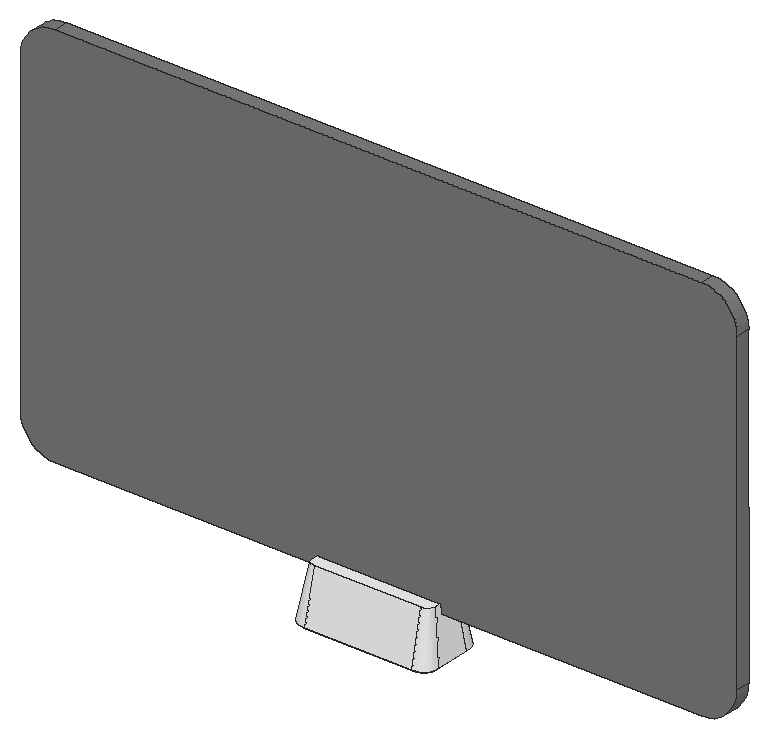
Revit family "Accessory-Desk_Mounted-Teknion-ZNDST_Table_Top_Screen-R2015", category Furniture, Revit 2015
Parameters (values of type "30" Width")
  Width = 30.000"
  Screen Finish Note = "Select a 30 inch material."
  Inner Width = 27.000"
  Warranty = "http://www.teknion.com/ca/papers/legal-canada"
  Unit Weight URL = "http://www.teknion.com/ca/tools/assets#&asset=bee6a381-b954-425e-8283-5a2de3a804f2,f828d448-4b62-4231-9e5f-9a8991c0ed77"
  URL = "www.teknion.com"
  Sustainability Data = "http://www.teknion.com/ca/tools/assets#&topic=216f99a5-57a0-44fc-b10a-9dee9b29ae4c&asset=444deb64-fe58-4b68-981e-f75e97781df7"
  Series = "Zones"  # constant formula
  Screen Upholstery = Mesh-StudioTK-K440-Knit Linx-Cool Grey (30" Width)
  Product Page URL = "http://www.teknion.com/ca/products/product-details?productlineid=b28c7a6e-8e7a-673b-a6c8-ff64004460c4"
  Product Line = "Zones"  # constant formula
  Product Documentation Link = "http://www.teknion.com/pricing/Zones/pdfs/ZNDST_ppg.pdf"
  Part Number = "ZNDST"  # constant formula
  Model = "ZNDST4730"
  Manufacturer Phone = "416-661-3370"  # constant formula
  Manufacturer Fax = "416.661.4586"  # constant formula
  Manufacturer Contact Information = "http://www.teknion.com/ca/contactus"
  Manufacturer Address = "1150 Flint Road, Toronto, ON. M3J 2J5. Canada"  # constant formula
  Manufacturer = "Teknion"  # constant formula
  Description = "Table Top Screen, 47\" h x 30\" w"
  Default Elevation = 48.000"
  Base Finish [instance] = Paint - Teknion - Mica - Very White
  Assembly Code = "E2020200"
Types (3): name | Width | Screen Finish Note | Inner Width | Screen Upholstery | Model | Description
  (no name) | 30.000" | "Select a 30 inch material." | 27.000" | Mesh-StudioTK-K440-Knit Linx-Cool Grey (30" Width) | "ZNDST4730" | "Table Top Screen, 47\" h x 30\" w"
  30" Width | 30.000" | "Select a 30 inch material." | 27.000" | Mesh-StudioTK-K440-Knit Linx-Cool Grey (30" Width) | "ZNDST4730" | "Table Top Screen, 47\" h x 30\" w"
  40" Width | 40.000" | "Select a 40 inch material." | 37.000" | Mesh-StudioTK-K440-Knit Linx-Cool Grey (40" Width) | "ZNDST4740" | "Table Top Screen, 47\" h x 40\" w"
Reference planes (in)
  plane 1 "Center Front/Back": y = 0
  plane 2: z = 0
  plane 3 "Center Left/Right": x = 0
  plane 4 "Left": x = -15
  plane 5 "Right": x = 15
  plane 6 "Back": y = 1.375
  plane 7 "Front": y = -1.375
  plane 8 "Top": z = 47
  plane 9 "Revolve Level 1": z = 3.35894
  plane 10: x = -13.5
  plane 11 "Revolve level 2": z = 16.60894
  plane 12: x = 13.5
  plane 13: z = 18.10894
  plane 14: z = 1.85894
  plane 15: z = 0.125
Forms (in)
  SweptBlend 1, solid, material "Paint - Teknion - Mica - Very White" <- "Base Finish"
    path origin (0.03125, 0, 0) x (1, 0, 0) y (0, 0, 1)
      loop
        line (-0.03125, 0.125) -> (-0.03125, 2.2235)
    profile origin (0, 0, 0.125) x (-1, 0, 0) y (0, -1, 0)
      loop
        spline (-2.87637, -0.74371) -> (-2.87199, -0.84454) -> (-2.85883, -0.9366) -> (-2.83691, -1.0199) -> (-2.80623, -1.09443) -> (-2.76677, -1.16019) -> (-2.71855, -1.21718) -> (-2.66156, -1.2654) -> (-2.5958, -1.30486) -> (-2.52127, -1.33554) -> (-2.43797, -1.35746) -> (-2.34591, -1.37062) -> (-2.24508, -1.375)
        line (-2.24508, -1.375) -> (2.24508, -1.375)
        spline (2.24508, -1.375) -> (2.34591, -1.37062) -> (2.43797, -1.35746) -> (2.52127, -1.33554) -> (2.5958, -1.30486) -> (2.66156, -1.2654) -> (2.71855, -1.21718) -> (2.76677, -1.16019) -> (2.80623, -1.09443) -> (2.83691, -1.0199) -> (2.85883, -0.9366) -> (2.87199, -0.84454) -> (2.87637, -0.74371)
        line (2.87637, -0.74371) -> (2.87637, 0.74371)
        spline (2.87637, 0.74371) -> (2.87199, 0.84454) -> (2.85883, 0.9366) -> (2.83691, 1.0199) -> (2.80623, 1.09443) -> (2.76677, 1.16019) -> (2.71855, 1.21718) -> (2.66156, 1.2654) -> (2.5958, 1.30486) -> (2.52127, 1.33554) -> (2.43797, 1.35746) -> (2.34591, 1.37062) -> (2.24508, 1.375)
        line (2.24508, 1.375) -> (-2.24508, 1.375)
        spline (-2.24508, 1.375) -> (-2.34591, 1.37062) -> (-2.43797, 1.35746) -> (-2.52127, 1.33554) -> (-2.5958, 1.30486) -> (-2.66156, 1.2654) -> (-2.71855, 1.21718) -> (-2.76677, 1.16019) -> (-2.80623, 1.09443) -> (-2.83691, 1.0199) -> (-2.85883, 0.9366) -> (-2.87199, 0.84454) -> (-2.87637, 0.74371)
        line (-2.87637, 0.74371) -> (-2.87637, -0.74371)
    end profile origin (0, 0, 2.2235) x (-1, 0, 0) y (0, -1, 0)
      loop
        spline (2.20906, -0.875) -> (2.26496, -0.87257) -> (2.316, -0.86528) -> (2.36218, -0.85312) -> (2.4035, -0.83611) -> (2.43996, -0.81424) -> (2.47156, -0.7875) -> (2.49829, -0.7559) -> (2.52017, -0.71944) -> (2.53718, -0.67812) -> (2.54933, -0.63194) -> (2.55662, -0.5809) -> (2.55906, -0.525)
        line (2.55906, -0.525) -> (2.55906, 0.525)
        spline (2.55906, 0.525) -> (2.55662, 0.5809) -> (2.54933, 0.63194) -> (2.53718, 0.67813) -> (2.52017, 0.71944) -> (2.49829, 0.7559) -> (2.47156, 0.7875) -> (2.43996, 0.81424) -> (2.4035, 0.83611) -> (2.36218, 0.85313) -> (2.316, 0.86528) -> (2.26496, 0.87257) -> (2.20906, 0.875)
        line (2.20906, 0.875) -> (-2.20906, 0.875)
        spline (-2.20906, 0.875) -> (-2.26496, 0.87257) -> (-2.316, 0.86528) -> (-2.36218, 0.85313) -> (-2.4035, 0.83611) -> (-2.43996, 0.81424) -> (-2.47156, 0.7875) -> (-2.49829, 0.7559) -> (-2.52017, 0.71944) -> (-2.53718, 0.67813) -> (-2.54933, 0.63194) -> (-2.55662, 0.5809) -> (-2.55906, 0.525)
        line (-2.55906, 0.525) -> (-2.55906, -0.525)
        spline (-2.55906, -0.525) -> (-2.55662, -0.5809) -> (-2.54933, -0.63194) -> (-2.53718, -0.67812) -> (-2.52017, -0.71944) -> (-2.49829, -0.7559) -> (-2.47156, -0.7875) -> (-2.43996, -0.81424) -> (-2.4035, -0.83611) -> (-2.36218, -0.85312) -> (-2.316, -0.86528) -> (-2.26496, -0.87257) -> (-2.20906, -0.875)
        line (-2.20906, -0.875) -> (2.20906, -0.875)
  Extrusion 2, solid, material "Paint - Teknion - Mica - Very White" <- "Base Finish"
    sketch origin (0, 0, 0) x (1, 0, 0) y (0, 1, 0)
      loop
        arc (-2.73622, -0.7874) -> (-2.60938, -1.09363) -> (-2.30315, -1.22047) r 0.43307
        line (-2.30315, -1.22047) -> (2.30315, -1.22047)
        arc (2.30315, -1.22047) -> (2.60938, -1.09363) -> (2.73622, -0.7874) r 0.43307
        line (2.73622, -0.7874) -> (2.73622, 0.7874)
        arc (2.73622, 0.7874) -> (2.60938, 1.09363) -> (2.30315, 1.22047) r 0.43307
        line (2.30315, 1.22047) -> (-2.30315, 1.22047)
        arc (-2.30315, 1.22047) -> (-2.60938, 1.09363) -> (-2.73622, 0.7874) r 0.43307
        line (-2.73622, 0.7874) -> (-2.73622, -0.7874)
    from 0 to 0.125
  Extrusion 3, solid, material "Mesh-StudioTK-K440-Knit Linx-Cool Grey (30" Width)"
    sketch origin (0, 0, 0) x (1, 0, 0) y (0, 0, 1)
      loop
        line (-15, 18.10894) -> (-15, 1.85894) -> (15, 1.85894) -> (15, 18.10894) -> (-15, 18.10894)
    from -0.28937 to 0.28937
  Extrusion 4, void
    sketch origin (-2.31432, 1.375, 0) x (1, 0, 0) y (0, 0, -1)
      loop
        line (-12.68568, -16.61408) -> (-12.68568, -18.10894) -> (-11.19082, -18.10894)
        arc (-11.19082, -18.10894) -> (-12.24784, -17.6711) -> (-12.68568, -16.61408) r 1.49485
    from -10.31698 to 12
  Extrusion 5, void
    sketch origin (2.31432, 1.375, 0) x (-1, 0, 0) y (0, 0, 1)
      loop
        arc (-12.68568, 16.61408) -> (-12.24784, 17.6711) -> (-11.19082, 18.10894) r 1.49485
        line (-11.19082, 18.10894) -> (-12.68568, 18.10894) -> (-12.68568, 16.61408)
    from -10.31698 to 12
  Extrusion 6, void
    sketch origin (-2.31432, 1.375, 19.96787) x (1, 0, 0) y (0, 0, -1)
      loop
        arc (-12.68568, 16.61408) -> (-12.24784, 17.6711) -> (-11.19082, 18.10894) r 1.49485
        line (-11.19082, 18.10894) -> (-12.68568, 18.10894) -> (-12.68568, 16.61408)
    from -10.31698 to 12
  Extrusion 7, void
    sketch origin (2.31432, 1.375, 19.96787) x (-1, 0, 0) y (0, 0, 1)
      loop
        line (-12.68568, -16.61408) -> (-12.68568, -18.10894) -> (-11.19082, -18.10894)
        arc (-11.19082, -18.10894) -> (-12.24784, -17.6711) -> (-12.68568, -16.61408) r 1.49485
    from -10.31698 to 12
  Extrusion 8, void
    sketch origin (0, 0, 0) x (0, 1, 0) y (0, 0, 1)
      loop
        line (0.28937, 2.2235) -> (-0.28937, 2.2235) -> (-0.28937, 1.85894) -> (0.28937, 1.85894) -> (0.28937, 2.2235)
    from -2.87637 to 2.55906
Cuts and joins
  Extrusion 8 cuts SweptBlend 1
  Extrusion 8 cuts Extrusion 2
  joined: SweptBlend 1, Extrusion 2
  Extrusion 4, Extrusion 5, Extrusion 6, Extrusion 7 cuts Extrusion 3
Lines and regions (in)
  Masking region 1
    outline origin (0, 0, 0) x (1, 0, 0) y (0, 1, 0)
      loop
        line (14.71063, 0.28937) -> (2.87637, 0.28937) -> (2.87637, 0.74371)
        spline (2.87637, 0.74371) -> (2.87199, 0.84454) -> (2.85883, 0.9366) -> (2.83691, 1.0199) -> (2.80623, 1.09443) -> (2.76677, 1.16019) -> (2.71855, 1.21718) -> (2.66156, 1.2654) -> (2.5958, 1.30486) -> (2.52127, 1.33554) -> (2.43797, 1.35746) -> (2.34591, 1.37062) -> (2.24508, 1.375)
        line (2.24508, 1.375) -> (-2.24508, 1.375)
        spline (-2.24508, 1.375) -> (-2.34591, 1.37062) -> (-2.43797, 1.35746) -> (-2.52127, 1.33554) -> (-2.5958, 1.30486) -> (-2.66156, 1.2654) -> (-2.71855, 1.21718) -> (-2.76677, 1.16019) -> (-2.80623, 1.09443) -> (-2.83691, 1.0199) -> (-2.85883, 0.9366) -> (-2.87199, 0.84454) -> (-2.87637, 0.74371)
        line (-2.87637, 0.74371) -> (-2.87637, 0.28937) -> (-14.71063, 0.28937)
        arc (-14.71063, 0.28937) -> (-15, 0) -> (-14.71063, -0.28937) r 0.28937
        line (-14.71063, -0.28937) -> (-2.87637, -0.28937) -> (-2.87637, -0.74371)
        spline (-2.87637, -0.74371) -> (-2.87199, -0.84454) -> (-2.85883, -0.9366) -> (-2.83691, -1.0199) -> (-2.80623, -1.09443) -> (-2.76677, -1.16019) -> (-2.71855, -1.21718) -> (-2.66156, -1.2654) -> (-2.5958, -1.30486) -> (-2.52127, -1.33554) -> (-2.43797, -1.35746) -> (-2.34591, -1.37062) -> (-2.24508, -1.375)
        line (-2.24508, -1.375) -> (2.24508, -1.375)
        spline (2.24508, -1.375) -> (2.34591, -1.37062) -> (2.43797, -1.35746) -> (2.52127, -1.33554) -> (2.5958, -1.30486) -> (2.66156, -1.2654) -> (2.71855, -1.21718) -> (2.76677, -1.16019) -> (2.80623, -1.09443) -> (2.83691, -1.0199) -> (2.85883, -0.9366) -> (2.87199, -0.84454) -> (2.87637, -0.74371)
        line (2.87637, -0.74371) -> (2.87637, -0.28937) -> (14.71063, -0.28937)
        arc (14.71063, -0.28937) -> (15, 0) -> (14.71063, 0.28937) r 0.28937
  symbolic lines
    curve 1: line (-2.55906, 0.525, 0) -> (-2.55906, 0.28937, 0)
    curve 2: line (-2.20906, 0.875, 0) -> (-2.55906, 0.525, 0)
    curve 3: line (2.20906, 0.875, 0) -> (-2.20906, 0.875, 0)
    curve 4: line (2.55906, 0.525, 0) -> (2.20906, 0.875, 0)
    curve 5: line (2.55906, 0.28937, 0) -> (2.55906, 0.525, 0)
    curve 6: line (2.55906, -0.525, 0) -> (2.55906, -0.28937, 0)
    curve 7: line (2.20906, -0.875, 0) -> (2.55906, -0.525, 0)
    curve 8: line (-2.20906, -0.875, 0) -> (2.20906, -0.875, 0)
    curve 9: line (-2.55906, -0.525, 0) -> (-2.20906, -0.875, 0)
    curve 10: line (-2.55906, -0.28937, 0) -> (-2.55906, -0.525, 0)
    curve 11: line (-2.87637, 0.28937, 0) -> (2.87637, 0.28937, 0)
    curve 12: line (2.87637, -0.28937, 0) -> (-2.87637, -0.28937, 0)
  symbolic lines, style "FurnitureHiddenLines", detail levels medium+fine
    curve 13: line (-14.71063, 0.28937, 0) -> (-13.5, 0.05906, 0)
    curve 14: line (-13.5, -0.05906, 0) -> (-14.71063, -0.28937, 0)
    curve 15: line (-13.5, -0.05906, 0) -> (13.5, -0.05906, 0)
    curve 16: line (13.5, 0.05906, 0) -> (-13.5, 0.05906, 0)
    curve 17: line (13.5, 0.05906, 0) -> (14.71063, 0.28937, 0)
    curve 18: line (14.71063, -0.28937, 0) -> (13.5, -0.05906, 0)
    curve 19: spline (2.57043, 0.28891, 0) -> (2.5817, 0.2798, 0) -> (2.59224, 0.25133, 0) -> (2.60129, 0.20549, 0) -> (2.60825, 0.14543, 0) -> (2.61263, 0.07532, 0) -> (2.61412, 0, 0) -> (2.61263, -0.07532, 0) -> (2.60825, -0.14543, 0) -> (2.60129, -0.20549, 0) -> (2.59224, -0.25133, 0) -> (2.5817, -0.2798, 0) -> (2.57043, -0.28891, 0)
    curve 20: line (2.87637, 0.28937, 0) -> (2.87637, -0.28937, 0)
    curve 21: line (-2.87637, 0.28937, 0) -> (-2.87637, -0.28937, 0)
    curve 22: spline (-2.57043, -0.28891, 0) -> (-2.5817, -0.2798, 0) -> (-2.59224, -0.25133, 0) -> (-2.60129, -0.20549, 0) -> (-2.60825, -0.14543, 0) -> (-2.61263, -0.07532, 0) -> (-2.61412, 0, 0) -> (-2.61263, 0.07532, 0) -> (-2.60825, 0.14543, 0) -> (-2.60129, 0.20549, 0) -> (-2.59224, 0.25133, 0) -> (-2.5817, 0.2798, 0) -> (-2.57043, 0.28891, 0)
  symbolic lines, style "FurnitureHiddenLines", detail levels fine
    curve 23: line (2.30315, 1.22047, 0) -> (-2.30315, 1.22047, 0)
    curve 24: line (-2.73622, 0.7874, 0) -> (-2.73622, -0.7874, 0)
    curve 25: line (-2.30315, -1.22047, 0) -> (2.30315, -1.22047, 0)
    curve 26: line (2.73622, -0.7874, 0) -> (2.73622, 0.7874, 0)
    curve 27: arc (2.73622, 0.7874, 0) -> (2.60938, 1.09363, 0) -> (2.30315, 1.22047, 0) r 0.43307
    curve 28: arc (-2.30315, 1.22047, 0) -> (-2.60938, 1.09363, 0) -> (-2.73622, 0.7874, 0) r 0.43307
    curve 29: arc (-2.73622, -0.7874, 0) -> (-2.60938, -1.09363, 0) -> (-2.30315, -1.22047, 0) r 0.43307
    curve 30: arc (2.30315, -1.22047, 0) -> (2.60938, -1.09363, 0) -> (2.73622, -0.7874, 0) r 0.43307
  model lines
    curve 31: line (-13.57416, -0.28937, 17.26844) -> (13.57416, -0.28937, 17.26844)
    curve 32: line (14.15922, -0.28937, 16.67983) -> (14.15922, -0.28937, 3.61588)
    curve 33: line (13.57416, -0.28937, 3.02727) -> (-13.57416, -0.28937, 3.02727)
    curve 34: line (-14.15656, -0.28937, 3.58978) -> (-14.15656, -0.28937, 16.70594)
    curve 35: arc (-13.57416, -0.28937, 17.26844) -> (-13.96496, -0.28937, 17.09031) -> (-14.15656, -0.28937, 16.70594) r 0.64331
    curve 36: arc (-13.57416, -0.28937, 3.02727) -> (-13.96496, -0.28937, 3.20541) -> (-14.15656, -0.28937, 3.58978) r 0.64331
    curve 37: arc (13.57416, -0.28937, 3.02727) -> (13.9743, -0.28937, 3.21462) -> (14.15922, -0.28937, 3.61588) r 0.64331
    curve 38: arc (13.57416, -0.28937, 17.26844) -> (13.9743, -0.28937, 17.0811) -> (14.15922, -0.28937, 16.67983) r 0.64331
    curve 39: line (-13.57416, 0.28937, 17.26844) -> (13.57416, 0.28937, 17.26844)
    curve 40: line (14.15922, 0.28937, 16.67983) -> (14.15922, 0.28937, 3.61588)
    curve 41: line (13.57416, 0.28937, 3.02727) -> (-13.57416, 0.28937, 3.02727)
    curve 42: line (-14.15656, 0.28937, 3.58978) -> (-14.15656, 0.28937, 16.70594)
    curve 43: arc (-13.57416, 0.28937, 17.26844) -> (-13.96496, 0.28937, 17.09031) -> (-14.15656, 0.28937, 16.70594) r 0.64331
    curve 44: arc (-13.57416, 0.28937, 3.02727) -> (-13.96496, 0.28937, 3.20541) -> (-14.15656, 0.28937, 3.58978) r 0.64331
    curve 45: arc (13.57416, 0.28937, 3.02727) -> (13.9743, 0.28937, 3.21462) -> (14.15922, 0.28937, 3.61588) r 0.64331
    curve 46: arc (13.57416, 0.28937, 17.26844) -> (13.9743, 0.28937, 17.0811) -> (14.15922, 0.28937, 16.67983) r 0.64331
Dimensions and locks (in)
  "Width": plane 4 "Left" to plane 5 "Right"
  locked: plane 6 "Back" to plane 7 "Front" at 2.75
  plane 8 "Top" to level = 47.000"
  SweptBlend 1 sketch curve to profile plane to SweptBlend 1 sketch curve = 2.87637" locked, 2.87637" locked
  SweptBlend 1 sketch curve to profile plane to SweptBlend 1 sketch curve = 1.375" locked, 1.375" locked
  SweptBlend 1 sketch curve to profile plane to SweptBlend 1 sketch curve = 2.55906" locked, 2.55906" locked
  SweptBlend 1 sketch curve to profile plane to SweptBlend 1 sketch curve = 0.875" locked, 0.875" locked
  "Inner Width": plane 10 to plane 12
  equal spacing: plane 10, plane 3 "Center Left/Right", plane 12
  plane 13 to plane 11 "Revolve level 2" to plane 9 "Revolve Level 1" to plane 14 to plane 15 to level = 1.500" locked, 13.250" locked, 1.500" locked, 1.73394" locked, 0.125" locked
  equal spacing: plane 4 "Left", plane 3 "Center Left/Right", plane 5 "Right"
  SweptBlend 1 sketch curve to SweptBlend 1 sketch curve to level = 2.0985" locked, 0.125" locked
  equal spacing: Extrusion 2 sketch curve, plane 1 "Center Front/Back", Extrusion 2 sketch curve
  locked: Extrusion 2 sketch curve to Extrusion 2 sketch curve at 5.47244
  locked: Extrusion 2 sketch curve to Extrusion 2 sketch curve at 2.44094
  equal spacing: Extrusion 2 sketch curve, plane 3 "Center Left/Right", Extrusion 2 sketch curve
  equal spacing: plane 6 "Back", plane 1 "Center Front/Back", plane 7 "Front"
  locked: Masking region 1 sketch curve to Masking region 1 sketch curve at 0.89278  (x4)
  locked: curve 2 to curve 3 at 0.49497
  locked: curve 4 to curve 5 at 0.49497
  locked: curve 10 to curve 9 at 0.49497
  locked: curve 8 to curve 7 at 0.49497
  plane 13 to plane 14 = 16.250"
  locked: curve 34 to plane 4 "Left" at 0.84344
  plane 13 to curve 31 = 0.8405"
  locked: curve 32 to plane 5 "Right" at 0.84078
  locked: curve 33 to plane 14 at 1.16834
  locked: curve 35 to plane 4 "Left" at 1.48196
  locked: curve 38 to plane 5 "Right" at 1.48196
  locked: curve 37 to plane 5 "Right" at 1.48196
  locked: curve 36 to plane 4 "Left" at 1.48196
  locked: plane 5 "Right" to curve 40 at 0.84078
  locked: curve 39 to plane 13 at 0.8405
  locked: curve 42 to plane 4 "Left" at 0.84344
  locked: plane 14 to curve 41 at 1.16834
  locked: curve 46 to plane 5 "Right" at 1.48196
  locked: curve 43 to plane 4 "Left" at 1.48196
  locked: curve 44 to plane 4 "Left" at 1.48196
  locked: curve 45 to plane 5 "Right" at 1.48196
  locked: Extrusion 4 sketch curve to plane 4 "Left" at 1.49485
  locked: Extrusion 6 sketch curve to plane 4 "Left" at 1.49485
  locked: Extrusion 7 sketch curve to plane 5 "Right" at 1.49485
  locked: Extrusion 5 sketch curve to plane 5 "Right" at 1.49485
  aligned and locked: level to plane 2
  aligned and locked: plane 3 "Center Left/Right" to SweptBlend 1 sketch curve
  aligned and locked: Extrusion 2 to level
  aligned and locked: Extrusion 2 to cut or joined group of SweptBlend 1, Extrusion 2, Extrusion 8
  aligned and locked: Masking region 1 sketch curve to plane 6 "Back"
  aligned and locked: Masking region 1 sketch curve to Masking region 1 sketch curve  (x2)
  aligned and locked: cut or joined group of SweptBlend 1, Extrusion 2, Extrusion 8 to Masking region 1 sketch curve  (x2)
  aligned and locked: Masking region 1 sketch curve to plane 7 "Front"
  aligned and locked: cut or joined group of SweptBlend 1, Extrusion 2, Extrusion 8 to curve 3
  aligned and locked: curve 8 to cut or joined group of SweptBlend 1, Extrusion 2, Extrusion 8
  aligned and locked: curve 20 to Masking region 1
  aligned and locked: Masking region 1 to curve 21
  aligned and locked: curve 27 to cut or joined group of SweptBlend 1, Extrusion 2, Extrusion 8
  aligned and locked: curve 28 to cut or joined group of SweptBlend 1, Extrusion 2, Extrusion 8
  aligned and locked: curve 29 to cut or joined group of SweptBlend 1, Extrusion 2, Extrusion 8
  aligned and locked: curve 30 to cut or joined group of SweptBlend 1, Extrusion 2, Extrusion 8
  aligned and locked: plane 13 to Extrusion 3 sketch curve
  aligned and locked: plane 4 "Left" to Extrusion 3 sketch curve
  aligned and locked: Extrusion 3 sketch curve to plane 14
  aligned and locked: plane 5 "Right" to Extrusion 3 sketch curve
  aligned and locked: Extrusion 4 sketch curve to plane 4 "Left"
  aligned and locked: Extrusion 4 sketch curve to plane 13
  aligned and locked: plane 4 "Left" to Extrusion 6 sketch curve
  aligned and locked: Extrusion 6 sketch curve to plane 14
  aligned and locked: plane 14 to Extrusion 7 sketch curve
  aligned and locked: Extrusion 7 sketch curve to plane 5 "Right"
  aligned and locked: plane 13 to Extrusion 5 sketch curve
  aligned and locked: plane 5 "Right" to Extrusion 5 sketch curve
  aligned and locked: cut or joined group of SweptBlend 1, Extrusion 2, Extrusion 8 to Extrusion 8 sketch curve
  aligned and locked: Extrusion 8 to SweptBlend 1
  aligned and locked: SweptBlend 1 to Extrusion 8
Automatic sketch dimensions
  Extrusion 4 sketch curve to plane 4 "Left" = 0.000"
  Extrusion 4 sketch curve to Extrusion 4 sketch curve = 0.000"
  plane 5 "Right" to Extrusion 5 sketch curve = 0.000"
  Extrusion 5 sketch curve to Extrusion 5 sketch curve = 0.000"
  Extrusion 6 sketch curve to plane 4 "Left" = 0.000"
  Extrusion 6 sketch curve to Extrusion 6 sketch curve = 0.000"
  plane 5 "Right" to Extrusion 7 sketch curve = 0.000"
  Extrusion 7 sketch curve to Extrusion 7 sketch curve = 0.000"
  curve 33 to curve 32 = 0.58506"
  curve 33 to curve 34 = 0.56251"
  curve 34 to curve 31 = 0.56251"
  curve 31 to curve 32 = 0.58506"
  curve 32 to curve 31 = 0.58861"
  curve 34 to curve 36 = 0.07835"
  curve 32 to curve 37 = 0.05225"
  curve 31 to curve 35 = 0.05612"
  curve 14 to plane 10 = 0.000"
  curve 13 to plane 10 = 0.000"
  plane 1 "Center Front/Back" to curve 22 = 0.000"
  plane 1 "Center Front/Back" to curve 19 = 0.000"
  curve 16 to plane 12 = 0.000"
  curve 15 to plane 12 = 0.000"
  curve 29 to curve 10 = 0.17717"
  curve 2 to plane 1 "Center Front/Back" = 0.525"
  curve 28 to curve 2 = 0.17717"
  curve 29 to curve 9 = 0.09409"
  curve 8 to curve 30 = 0.09409"
  curve 4 to curve 27 = 0.09409"
  curve 6 to curve 26 = 0.17717"
  curve 4 to plane 1 "Center Front/Back" = 0.525"
  plane 1 "Center Front/Back" to curve 21 = 0.28937"
  plane 1 "Center Front/Back" to curve 15 = 0.05906"
  curve 16 to plane 1 "Center Front/Back" = 0.05906"
  curve 11 to plane 1 "Center Front/Back" = 0.28937"
  plane 4 "Left" to curve 14 = 0.28937"
  plane 4 "Left" to curve 13 = 0.28937"
  curve 22 to curve 10 = 0.01187"
  curve 22 to curve 1 = 0.01137"
  curve 22 to curve 22 = 0.0005"
  curve 5 to curve 19 = 0.01137"
  curve 6 to curve 19 = 0.01137"
  curve 19 to curve 19 = 0.0005"
  plane 5 "Right" to curve 18 = 0.28937"
  plane 5 "Right" to curve 17 = 0.28937"
  plane 1 "Center Front/Back" to curve 18 = 0.28937"
  plane 1 "Center Front/Back" to curve 14 = 0.28937"
  curve 10 to curve 22 = 0.00044"
  curve 6 to curve 19 = 0.00046"
  curve 22 to curve 22 = 0.00002"
  curve 19 to curve 19 = 0.00002"
  curve 13 to plane 1 "Center Front/Back" = 0.28937"
  curve 17 to plane 1 "Center Front/Back" = 0.28937"
  SweptBlend 1 sketch curve to plane 3 "Center Left/Right" = 0.000"
  SweptBlend 1 sketch curve to SweptBlend 1 sketch curve = 0.63129"  (x4)
  SweptBlend 1 sketch curve to plane 1 "Center Front/Back" = 0.74371"  (x2)
  plane 1 "Center Front/Back" to SweptBlend 1 sketch curve = 0.74371"  (x2)
  SweptBlend 1 sketch curve to SweptBlend 1 sketch curve = 0.350"  (x8)
  Extrusion 2 sketch curve to Extrusion 2 sketch curve = 0.43307"  (x4)
  plane 1 "Center Front/Back" to Masking region 1 sketch curve = 0.000"  (x2)
  plane 4 "Left" to Masking region 1 sketch curve = 0.28937"
  Masking region 1 sketch curve to Masking region 1 sketch curve = 0.63129"  (x4)
  plane 5 "Right" to Masking region 1 sketch curve = 0.28937"
  Masking region 1 sketch curve to Masking region 1 sketch curve = 0.28937"
  plane 1 "Center Front/Back" to Masking region 1 sketch curve = 0.28937"
  curve 40 to curve 39 = 0.58861"
  curve 41 to curve 40 = 0.58506"
  curve 41 to curve 42 = 0.56251"
  curve 42 to curve 39 = 0.56251"
  curve 43 to curve 42 = 0.07835"
  curve 41 to curve 44 = 0.64085"
  curve 40 to curve 45 = 0.05225"
  curve 46 to curve 39 = 0.64085"
  plane 14 to Extrusion 8 sketch curve = 0.000"
  plane 1 "Center Front/Back" to Extrusion 8 sketch curve = 0.28937"
  Extrusion 8 sketch curve to plane 1 "Center Front/Back" = 0.28937"
